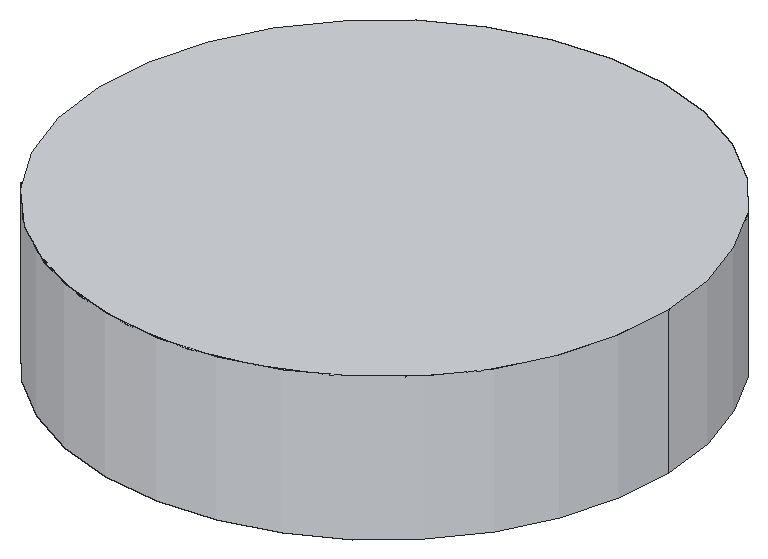
Revit family "1297_ TUPEX ELECTRIC_SPMN", category Lighting Fixtures, host Face, Revit 2016
Family settings
  Host = Face
  Part Type = Normal
  Round Connector Dimension = Use Diameter
  Cut with Voids When Loaded = No
  Light Source = Yes
  Shared = No
  Room Calculation Point = Yes
Parameters
  Wattage = 14 W
  built-in parameter 1150110 = 1 (stored number, unit not read)
  VOLTS = 220 V
  built-in parameter 1114217 = 1 (stored number, unit not read)
  Tilt Angle = 90.00°
  built-in parameter 1150109 = 1 (stored number, unit not read)
  built-in parameter 1150134 = 3
  built-in parameter 1150113 = 1 (stored number, unit not read)
  Photometric Web File = "1297.IES"
  built-in parameter 1150105 = 103.61 (stored number, unit not read)
  Lumens = 1302 lm
  built-in parameter 1150115 = 1 (stored number, unit not read)
  built-in parameter 1150137 = (empty or 0)
  built-in parameter 1150139 = (empty or 0)
  built-in parameter 1150112 = 1 (stored number, unit not read)
  built-in parameter 1150114 = 1 (stored number, unit not read)
  built-in parameter 1150132 = (empty or 0)
  built-in parameter 1150102 = (empty or 0)
  built-in parameter 1150107 = 3200 (stored number, unit not read)
  built-in parameter 1150138 = (empty or 0)
  built-in parameter 1150106 = 1.0361 (stored number, unit not read)
  Emit from Circle Diameter = 609.6 mm
  Emit Shape Visible in Rendering = no
  built-in parameter 1150104 = 8.64 (stored number, unit not read)
  Dimming Lamp Color Temperature Shift = (empty or 0)
  Default Elevation = 1219.2 mm
  Color Filter = 16777215
  built-in parameter 1114218 = 1 (stored number, unit not read)
  built-in parameter 1150133 = 10 (stored number, unit not read)
  Apparent Load = 30 VA
Reference planes
  plane 1 "Center (Front/Back)": y = 0
  plane 2: z = 0
  plane 3 "Center (Left/Right)": x = 0
Forms (mm)
  Extrusion 1, solid
    sketch origin (0, 0, 0) x (1, 0, 0) y (0, 1, 0)
      loop
        circle (0, 0) r 210
    from 0 to 108
Lines and regions (mm)
  reference lines
    curve 1: circle (0, 0, 0) r 210 normal (0, 0, 1)
    curve 2: line (-1160.227, 0, 0) -> (1659.773, 0, 0)
    curve 3: line (1659.773, 0, -108) -> (-1534.635, 0, -108)
    curve 4: line (305.365, 0, -108) -> (1125.365, 0, -108)
    curve 5: line (1659.773, 0, -216) -> (-1534.635, 0, -216)
Dimensions and locks
  aligned and locked: plane 2 to host face
  aligned and locked: level to host face
Connectors
  electrical at (0, 0, 108), driven by "VOLTS"
    settings: on Extrusion 1, index 1, voltage 220 V, apparent load 0 VA, apparent load phase1 20 VA, apparent load phase2 0 VA, apparent load phase3 0 VA, power factor 1, load classification "Other", number of poles 1, system type 31, power factor state 1, is connector primary yes, connector utility no, sub classification motor no, connector description ""
